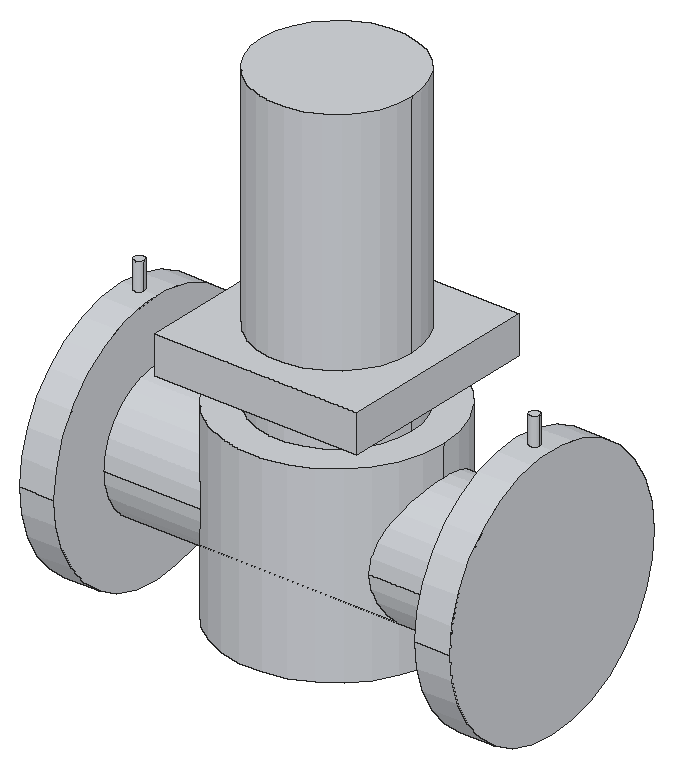
Revit family "PV_Compact_PN16_DN150_(90-350kPa)_RFA_2018", category Pipe Accessories, Revit 2018
Family settings
  Round Connector Dimension = Use Diameter
  Part Type = Valve - Breaks Into
  Work Plane-Based = No
  Always vertical = Yes
  Cut with Voids When Loaded = No
  Shared = No
Parameters (values of type "PV Compact PN16 DN150 (90-350kPa)")
  magiProductId = "05be4e71780741e6bc35f05414b0ce"
  magiProductFamilyId = "702e6e0aa49e4742ba9b7167dc79b1"
  magiPartTypeId = 304
  isMeasuringValve [instance] = no
  ang2D [instance] = 0.00°
  W2D = 125 mm
  VersionID = "2.0/2018.12.13.2/FRESE_PV_COMPACT_BIG_Q13_001"
  Use Minimum Symbol Size [instance] = no
  URL = "www.hydronic.cz"
  Type Comments = "PŘÍRUBOVÝ; PN16; dpmax=1000kPa; -10~+120°C"
  R4 = 84 mm
  R3 = 74.1 mm
  R1 = 120 mm
  QmdConnectorList = "301;D;302;D"
  Productdata [instance] = ""
  Manufacturer = "Hydronic Systems Prague s.r.o."
  Maintenance Zone Under Depth [instance] = 100 mm
  Maintenance Zone Right Depth [instance] = 100 mm
  Maintenance Zone Over Depth [instance] = 100 mm
  Maintenance Zone Left Depth [instance] = 100 mm
  Maintenance Zone Front Depth [instance] = 100 mm
  Maintenance Zone Back Depth [instance] = 100 mm
  Maintenance Zone Front Visibility [instance] = no
  MC Use Limits From Balancing Method = no
  MC Throttling Minimum Value = 0
  MC Throttling Maximum Value = 0
  MC Product Code = "53-3316 DN150 PN16; nastavitelný rozsah dp=90~350kPa; Q=59,3~237 m3/h;  kvs=250"
  MC Pressure Drop Minimum Value = 0.0 Pa
  MC Pressure Drop Maximum Value = 0.0 Pa
  MC Piping Given Pressure Drop [instance] = 0.0 Pa
  LF__ve = -LF  # -38.4 mm
  LF2 = 19.2 mm
  LF = 38.4 mm
  L4 = 225.6 mm
  L3 = 403.2 mm
  L2D_Min = 30.48 mm
  L2D = 400 mm
  L2 = 240 mm
  H6 = 256.25 mm
  H4 = 42.75 mm
  H3 = 35.625 mm
  H2 = 106.875 mm
  H1 = 213.75 mm
  Description = "Nastavitelný regulátor tlakové diference"
  DF2 = 142.5 mm
  D = 150 mm
  Clearance Zone Height Depth [instance] = 100 mm
  Clearance Zone Circular Radius [instance] = 240 mm
  Clearance Zone Visibility [instance] = no
  CAT0 = yes
Types (3, lengths in mm): name | magiProductId | Type Comments | R4 | R3 | R1 | MC Product Code | LF__ve | LF2 | LF | L4 | L3 | L2 | H6 | H4 | H3 | H2 | H1 | DF2 | D | Clearance Zone Circular Radius
  PV Compact PN16 DN125 (90-350kPa) | "b03890f2a0d24210acc7aed5971b3a" | "PŘÍRUBOVÝ; PN16; dpmax=1000kPa; -10~+120°C" | 70 | 70.2 | 100 | "53-3313 DN125 PN16; nastavitelný rozsah dp=90~350kPa; Q=40,3~161 m3/h;  kvs=170" | -32 | 16 | 32 | 188 | 336 | 200 | 225.5 | 40.5 | 33.75 | 101.25 | 202.5 | 135 | 125 | 200
  PV Compact PN16 DN150 (90-350kPa) | "05be4e71780741e6bc35f05414b0ce" | "PŘÍRUBOVÝ; PN16; dpmax=1000kPa; -10~+120°C" | 84 | 74.1 | 120 | "53-3316 DN150 PN16; nastavitelný rozsah dp=90~350kPa; Q=59,3~237 m3/h;  kvs=250" | -38.4 | 19.2 | 38.4 | 225.6 | 403.2 | 240 | 256.25 | 42.75 | 35.625 | 106.875 | 213.75 | 142.5 | 150 | 240
  PV Compact PN16 DN200 (90-350kPa) | "d4da5ac8261147a98be9f2bfe38293" | "PŘÍRUBOVÝ; PN16; dpmax=1000kPa; -10~+110°C" | 105 | 98.8 | 150 | "53-3319 DN200 PN16; nastavitelný rozsah dp=90~350kPa; Q=65,2~261 m3/h;  kvs=275" | -48 | 24 | 48 | 282 | 504 | 300 | 150 | 57 | 47.5 | 142.5 | 285 | 190 | 200 | 300
Reference planes
  plane 1 "Center (Front/Back)": y = 0
  plane 2 "XYPLANE": z = 0
  plane 3 "Center (Left/Right)": x = 0
  plane 4 "257": y = -142.5
  plane 5 "256": y = 142.5
  plane 6 "255": z = -142.5
  plane 7 "254": y = -242.5
  plane 8 "253": y = 242.5
  plane 9 "252": x = -340
  plane 10 "251": x = 340
  plane 11 "250": z = 541.5
  plane 12 "249": z = -242.5
  plane 13 "248": z = 541.5
  plane 14 "247": z = 441.5
  plane 15 "157": x = 220.8
  plane 16 "156": x = -220.8
  plane 17 "155": z = 142.5
  plane 18 "154": z = 185.25
  plane 19 "153": z = 142.5
  plane 20 "152": z = 106.875
  plane 21 "151": x = -201.6
  plane 22 "150": z = -106.875
  plane 23 "149": x = 0
  plane 24 "148": y = 0
  plane 25 "147": z = 0
  plane 26 "146": x = -240
  plane 27 "145": x = 240
Forms (mm)
  Blend 1, solid, visible <- "Maintenance Zone Front Visibility"
    base sketch origin (-750, 0, -242.5) x (1, 0, 0) y (0, 1, 0)
      loop
        line (410, 242.5) -> (410, -242.5) -> (1090, -242.5) -> (1090, 242.5) -> (410, 242.5)
    top sketch origin (-750, 0, -242.5) x (1, 0, 0) y (0, 1, 0)
      loop
        line (410, 242.5) -> (410, -242.5) -> (1090, -242.5) -> (1090, 242.5) -> (410, 242.5)
    from 0 to 784
  Blend 2, solid, visible <- "Clearance Zone Visibility"
    base sketch origin (-750, 0, 0) x (1, 0, 0) y (0, 1, 0)
      loop
        circle (750, 0) r 240
    top sketch origin (-750, 0, 0) x (1, 0, 0) y (0, 1, 0)
      loop
        circle (750, 0) r 240
    from 0 to 541.5
  Extrusion 3, solid, visible <- "CAT0"
    sketch origin (-750, 0, 142.5) x (1, 0, 0) y (0, 1, 0)
      loop
        circle (970.8, 0) r 5.5
    from 0 to 30
  Extrusion 4, solid, visible <- "CAT0"
    sketch origin (-750, 0, 142.5) x (1, 0, 0) y (0, 1, 0)
      loop
        circle (529.2, 0) r 5.5
    from 0 to 30
  Extrusion 5, solid
    sketch origin (-750, 0, 185.25) x (1, 0, 0) y (0, 1, 0)
      loop
        circle (750, 0) r 84
    from 0 to 256.25 <- "H6"
  Extrusion 6, solid, visible <- "CAT0"
    sketch origin (-750, 0, 142.5) x (1, 0, 0) y (0, 1, 0)
      loop
        line (862.8, 112.8) -> (637.2, 112.8) -> (637.2, -112.8) -> (862.8, -112.8) -> (862.8, 112.8)
    from 0 to 42.75 <- "H4"
  Extrusion 7, solid, visible <- "CAT0"
    sketch origin (-750, 0, 106.875) x (1, 0, 0) y (0, 1, 0)
      loop
        circle (750, 0) r 84
    from 0 to 35.625 <- "H3"
  Extrusion 8, solid, visible <- "CAT0"
    sketch origin (-201.6, -750, 0) x (0, 1, 0) y (0, 0, 1)
      loop
        circle (750, 0) r 74.1
    from 0 to 403.2 <- "L3"
  Extrusion 9, solid, visible <- "CAT0"
    sketch origin (-750, 0, -106.875) x (1, 0, 0) y (0, 1, 0)
      loop
        circle (750, 0) r 120
    from 0 to 213.75 <- "H1"
  Extrusion 10, solid, visible <- "CAT0"
    sketch origin (-240, -750, 0) x (0, 1, 0) y (0, 0, 1)
      loop
        circle (750, 0) r 142.5
    from 0 to 38.4 <- "LF"
  Extrusion 11, solid, visible <- "CAT0"
    sketch origin (240, -750, 0) x (0, 1, 0) y (0, 0, 1)
      loop
        circle (750, 0) r 142.5
    from 0 to -38.4 <- "LF__ve"
  Extrusion 12, solid, not visible
    sketch origin (-240, -750, 0) x (0, 1, 0) y (0, 0, 1)
      loop
        circle (750, 0) r 10
    from 0 to 10
  Extrusion 13, solid, not visible
    sketch origin (240, -750, 0) x (0, 1, 0) y (0, 0, 1)
      loop
        circle (750, 0) r 10
    from 0 to -10
Lines and regions (mm)
  reference lines, not visible
    curve 1: circle (2, 2, 0) r 1 normal (0, 0, 1)
  reference lines
    curve 2: circle (0, 0, 142.5) r 1 normal (0, 0, 1)
Dimensions and locks
  plane 1 "Center (Front/Back)" to curve 1 = 2 mm
  "DF2": plane 24 "148" to plane 4 "257"
  "DF2": plane 24 "148" to plane 5 "256"
  "DF2": plane 25 "147" to plane 6 "255"
  "Maintenance Zone Front Depth": plane 4 "257" to plane 7 "254"
  "Maintenance Zone Back Depth": plane 5 "256" to plane 8 "253"
  "Maintenance Zone Left Depth": plane 26 "146" to plane 9 "252"
  "Maintenance Zone Right Depth": plane 27 "145" to plane 10 "251"
  "Maintenance Zone Over Depth": plane 14 "247" to plane 11 "250"
  "Maintenance Zone Under Depth": plane 6 "255" to plane 12 "249"
  "Clearance Zone Height Depth": plane 14 "247" to plane 13 "248"
  "H6": plane 18 "154" to plane 14 "247"
  "LF2": plane 27 "145" to plane 15 "157"
  "LF2": plane 26 "146" to plane 16 "156"
  "DF2": plane 2 "XYPLANE" to plane 17 "155"
  "H4": plane 19 "153" to plane 18 "154"
  "H3": plane 20 "152" to plane 19 "153"
  "H1": plane 22 "150" to plane 20 "152"
  "LF": plane 26 "146" to plane 21 "151"
  "H2": plane 2 "XYPLANE" to plane 22 "150"
  locked: plane 3 "Center (Left/Right)" to plane 23 "149"
  locked: plane 1 "Center (Front/Back)" to plane 24 "148"
  locked: plane 2 "XYPLANE" to plane 25 "147"
  "L2": plane 3 "Center (Left/Right)" to plane 26 "146"
  "L2": plane 3 "Center (Left/Right)" to plane 27 "145"
  Blend 1 sketch curve to Blend 1 sketch curve = 0 mm  (x16)
  equal spacing: Extrusion 6 sketch curve, curve 2, Extrusion 6 sketch curve  (x2)
  "L4": Extrusion 6 sketch curve to Extrusion 6 sketch curve  (x2)
  Extrusion 6 sketch curve to Extrusion 6 sketch curve = 0 mm  (x8)
  "Clearance Zone Circular Radius": radius of Blend 2 sketch curve  (x2)
  "R4": radius of Extrusion 5 sketch curve
  "R4": radius of Extrusion 7 sketch curve
  "R3": radius of Extrusion 8 sketch curve
  "R1": radius of Extrusion 9 sketch curve
  "DF2": radius of Extrusion 10 sketch curve
  "DF2": radius of Extrusion 11 sketch curve
  aligned and locked: level to plane 2 "XYPLANE"
  aligned and locked: Blend 1 sketch curve to plane 8 "253"  (x2)
  aligned and locked: plane 9 "252" to Blend 1 sketch curve  (x4)
  aligned and locked: plane 10 "251" to Blend 1 sketch curve  (x4)
  aligned and locked: plane 8 "253" to Blend 1 sketch curve  (x2)
  aligned and locked: plane 7 "254" to Blend 1 sketch curve  (x4)
  aligned and locked: plane 11 "250" to Blend 1
  aligned and locked: plane 23 "149" to Blend 2 sketch curve  (x2)
  aligned and locked: plane 24 "148" to Blend 2 sketch curve  (x2)
  aligned and locked: plane 13 "248" to Blend 2
  aligned and locked: plane 15 "157" to Extrusion 3 sketch curve
  aligned and locked: plane 24 "148" to Extrusion 3 sketch curve
  aligned and locked: plane 16 "156" to Extrusion 4 sketch curve
  aligned and locked: plane 24 "148" to Extrusion 4 sketch curve
  aligned and locked: plane 23 "149" to Extrusion 5 sketch curve
  aligned and locked: plane 24 "148" to Extrusion 5 sketch curve
  aligned and locked: plane 23 "149" to curve 2
  aligned and locked: plane 24 "148" to curve 2
  aligned and locked: plane 23 "149" to Extrusion 7 sketch curve
  aligned and locked: plane 24 "148" to Extrusion 7 sketch curve
  aligned and locked: Extrusion 8 sketch curve to plane 24 "148"
  aligned and locked: plane 25 "147" to Extrusion 8 sketch curve
  aligned and locked: plane 23 "149" to Extrusion 9 sketch curve
  aligned and locked: plane 24 "148" to Extrusion 9 sketch curve
  aligned and locked: Extrusion 10 sketch curve to plane 24 "148"
  aligned and locked: plane 25 "147" to Extrusion 10 sketch curve
  aligned and locked: Extrusion 11 sketch curve to plane 24 "148"
  aligned and locked: plane 25 "147" to Extrusion 11 sketch curve
  aligned and locked: Extrusion 12 sketch curve to plane 24 "148"
  aligned and locked: plane 25 "147" to Extrusion 12 sketch curve
  aligned and locked: Extrusion 13 sketch curve to plane 24 "148"
  aligned and locked: plane 25 "147" to Extrusion 13 sketch curve
Automatic sketch dimensions
  Extrusion 3 sketch curve to Extrusion 3 sketch curve = 5.5 mm
  Extrusion 4 sketch curve to Extrusion 4 sketch curve = 5.5 mm
  plane 1 "Center (Front/Back)" to Extrusion 12 sketch curve = 10 mm
  plane 1 "Center (Front/Back)" to Extrusion 13 sketch curve = 10 mm
  plane 3 "Center (Left/Right)" to curve 1 = 2 mm
  plane 21 "151" to Extrusion 6 sketch curve = 88.8 mm
  plane 4 "257" to Extrusion 6 sketch curve = 29.7 mm
  radius of curve 2 = 1 mm
  radius of curve 1 = 1 mm
Connectors
  piping at (-240, 0, 0), diameter 150, driven by "D"
    settings: on Extrusion 12, index 1, connector inside diameter 609.6 mm, connector length 0 mm, flow factor 0, pipe flow 0.0 L/s, pressure drop 0.0 Pa, fitting loss kfactor 0, connector angle 0.00°, fixture units 0, engagement length 0 mm, angle of deflection 0.00°, flow configuration 0, flow direction 0, fitting loss method 0, system type 29, joint type 0, gender type 0, connector reference index 2, connector utility 0, adjustable connector no, is connector primary yes, connector description ""
  piping at (240, 0, 0), diameter 150, driven by "D"
    settings: on Extrusion 13, index 2, connector inside diameter 609.6 mm, connector length 0 mm, flow factor 0, pipe flow 0.0 L/s, pressure drop 0.0 Pa, fitting loss kfactor 0, connector angle 0.00°, fixture units 0, engagement length 0 mm, angle of deflection 0.00°, flow configuration 0, flow direction 0, fitting loss method 0, system type 29, joint type 0, gender type 0, connector reference index 1, connector utility 0, adjustable connector no, is connector primary no, connector description ""
